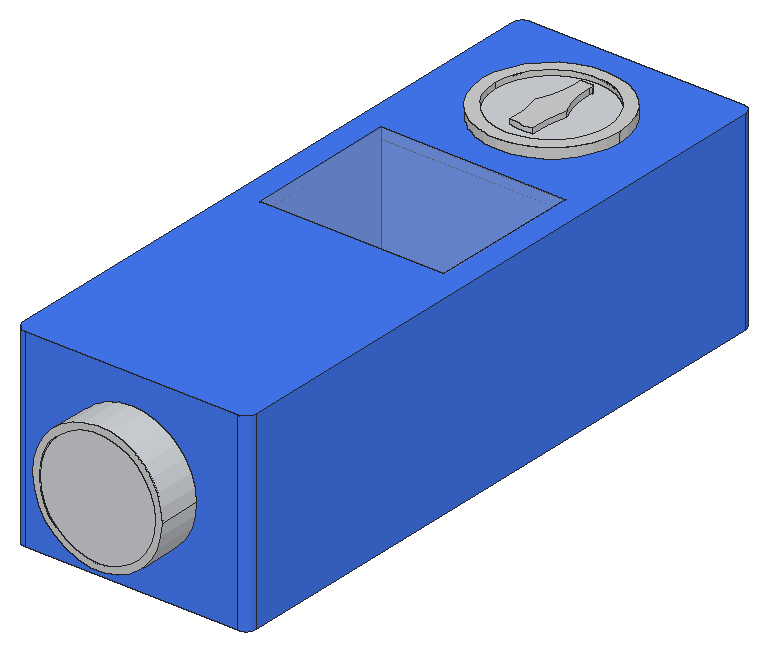
Revit family "Building-ConnessioniIEC309-GEWISS-66IB-PRESE-INTERBLOCCATE-HD_IP66_SENZA_FONDO_24V", category Apparecchi elettrici, host Superficie, Revit 2019
Family settings
  Host = Superficie
  Mantenere orientamento annotazione = Sì
  Quota connettore circolare = Usa diametro
  Tipo di parte = Normale
  Taglio con vuoti quando caricato = Sì
  Condiviso = Sì
  Punto di calcolo locali = Sì
Parameters (values of type "GW66886 - PRESA BL.IP66 S.F.2P 160VA TRASF.CBF")
  volt = 0 V
  vetro = Default - Vetro
  presa = Grigio RAL - 7035
  n-poli = 1
  giallo = 0 mm
  dist_piano [instance] = 0 mm
  Vista_2d_pianta [instance] = yes
  Versione file RFA = "21.4"
  URL = "https://www.gewiss.com/it/it"
  Tipologia = "Verticale"
  Tipo fusibile = "Ø 10,3x38 mm"
  Tipo di impiego = "Impieghi gravosi"
  Termopressione con biglia = "80 °C"
  Tensione di uscita = "20-25 V"
  Temperatura di utilizzo = "-25 +40 °C"
  Temperatura di funzionamento = "-25 ÷ +40 °C"
  Struttura = Grigio RAL - 7035
  Simbolo presa = PRESAINDSTAGNA : 3P
  Simbolo [instance] = no
  Simb_circuito [instance] = not(Simbolo)  # yes
  Scheda Tecnica = "https://www.gewiss.com/it/it/search?q=GW66886"
  SEO = "Presa"
  Resistenza agli urti a -20Â°C = "20J"
  Resistenza agli urti = "> IK10"
  Protezione = "Trasformatore di sicurezza"
  Default Elevation = 1219.2 mm
  Produttore = "GEWISS S.p.A."
  Potenza nominale = "160VA"
  Potenza = "160VA"
  Numero di poli = "2P"
  N. poli = "2P"
  Modello = "GW66886"
  Immagine tipo = R.jpg
  IDT = "31c4d5ce-9998-4c76-8b01-e5caf3d26d86"
  IDF = "98e80978-bc6f-4a14-8bf4-1e4813759065"
  Grado di protezione = "IP66"
  Glow wire test: = "850 °C"
  Glow Wire Test = "850 °C"
  Frequenza nominale (Hz) = "50 Hz"
  Frequenza = "50 Hz"
  Distanza x [instance] = 500 mm
  Distanza orizzontale simbolo [instance] = 0 mm
  Distanza effettiva x [instance] = 1500 mm - Distanza x  # 1000 mm
  Descrizione = "PRESA BL.IP66 S.F.2P 160VA TRASF.CBF"
  Creato da GEWISS S.p.A. = ""
  Corrente nominale (In) = "16"
  Corrente nominale (A) = "16"
  Corpo presa = Light Blue
  Cornice simbolo [instance] = yes
  Con fondo = "No"
  Colore: = "Viola"
  Colore = "Viola"
  Codice Electrocod = "2222"
  Codice EAN = "8011564184114"
  Catalogo Serie = "66 IB"
  Catalogo = "BUILDING"
  COBie.Tagnumber = ""
  COBie.CreatedOn = ""
  COBie.CreatebBy = ""
  COBie.ComponentRegisterItemID = ""
  COBie.Component.TagNumber = ""
  COBie.Component.Space = ""
  COBie.Component.SerialNumber = ""
  COBie.Component.InstallationDate = ""
  COBie.Component.Description = ""
  COBie.Component.BarCode = ""
Reference planes
  plane 1 "Centro (Fronte/Retro)": y = 0
  plane 2: z = 0
  plane 3 "Centro (Sinistra/Destra)": x = 0
  plane 4: z = -2
  plane 5: x = -500
  plane 6: x = -1500
  plane 7: x = -500
  plane 8: through (-170.762, -4572, -38.353) normal (-0.6157, 0, 0.788)
  plane 9: x = -51.152
  plane 10: x = 53.222
  plane 11: z = -2
  plane 12: x = -74
  plane 13: x = 74
  plane 14: y = 392
  plane 15: y = -2
Forms (mm)
  Extrusion 1, solid, detail levels coarse
    sketch origin (0, 0, 0) x (1, 0, 0) y (0, 1, 0)
      loop
        line (-74, 392) -> (-74, -2) -> (74, -2) -> (74, 392) -> (-74, 392)
    from 0 to 123
Lines and regions (mm)
  Masking region 1, visible <- "Vista_2d_pianta"
    outline origin (0, 0, 0) x (1, 0, 0) y (0, 0, 1)
  Masking region 2, visible <- "Vista_2d_pianta"
    outline origin (0, 0, 0) x (1, 0, 0) y (0, 0, 1)
      loop
        line (-74, 0) -> (74, 0) -> (74, 123) -> (-74, 123) -> (-74, 0)
Dimensions and locks
  locked: plane 2 to plane 4 at 2
  "Distanza effettiva x": plane 5 to plane 6
  plane 3 "Centro (Sinistra/Destra)" to plane 6 = 1500 mm
  "Distanza effettiva x": plane 6 to plane 7
  locked: plane 15 to plane 1 "Centro (Fronte/Retro)" at 2
  locked: plane 12 to nested 1 at 2
  locked: nested 1 to plane 13 at 2
  locked: plane 14 to nested 1 at 2
  "dist_piano": plane 11 to plane 4
  plane 6 to plane 3 "Centro (Sinistra/Destra)" = 1500 mm
  angle plane 8 to plane 4 = 142.00°
  angle plane 7 to plane 8 = 128.00°
  aligned and locked: plane 2 to host face
  aligned and locked: level to host face
  aligned and locked: plane 3 "Centro (Sinistra/Destra)" to nested 1
  aligned and locked: plane 7 to nested 3
  aligned and locked: Masking region 2 to plane 12
  aligned and locked: plane 13 to Masking region 2
  aligned and locked: Masking region 2 to level
  aligned and locked: nested 1 to plane 11
  aligned and locked: Masking region 2 to nested 1
  aligned and locked: Extrusion 1 sketch curve to plane 12
  aligned and locked: Extrusion 1 sketch curve to plane 14
  aligned and locked: Extrusion 1 sketch curve to plane 13
  aligned and locked: Extrusion 1 sketch curve to plane 15
  aligned and locked: Extrusion 1 to nested 1
  aligned and locked: Extrusion 1 to level
  aligned and locked: plane 5 to nested 2
Automatic sketch dimensions
  host sketch curve to host sketch curve = 2438.4 mm  (x2)
  Masking region 2 sketch curve to plane 10 = 20.778 mm
  plane 9 to Masking region 2 sketch curve = 22.848 mm
  level to Masking region 2 sketch curve = 0 mm
  Masking region 2 sketch curve to Masking region 2 sketch curve = 123 mm
Nested families
  nested 1: "GW66824_no fondo_master" at (0, 0, -77), type "GW66824_no fondo_master", detail levels medium+fine
  nested 2: "simbolo_gravosi 24" at (-500, 30.442, 0), Distanza dal muro <- "Distanza orizzontale simbolo", SIMBOLO ACCESO <- "Simb_circuito", type "3P"
    with SIMBOLO ACCESO yes, Distanza dal muro 0 mm, BORDO ACCESO yes
  nested 3: "PRESAINDSTAGNA" at (-500, 23.722, 0), Distanza dal muro <- "Distanza orizzontale simbolo", SIMBOLO ACCESO <- "Simbolo", type "3P"
    with SIMBOLO ACCESO no, Distanza dal muro 0 mm, BORDO ACCESO yes
Connectors
  electrical at (0, 195.052, -2), driven by "n-poli", driven by "volt"
    settings: on nested 1, index 1, voltage 0 V, apparent load 0 VA, apparent load phase1 0 VA, apparent load phase2 0 VA, apparent load phase3 0 VA, power factor 1, load classification "Altro", number of poles 1, system type 31, power factor state 1, is connector primary yes, connector utility no, sub classification motor no, connector description ""
Definition of nested family "GW66824_no fondo_master"
  Parameters (values of type "GW66824_no fondo_master")
    w = 144 mm
    sp_interbloccata = 119 mm
    d_piano = 75 mm
    corpo presa = none
    Vetro = none
    Struttura = none
    Spessore = 30 mm
    Raggio = 40 mm
    Default Elevation = 14 mm
    Presa = none
    Lunghezza = 103 mm
    IFC.TypeObject = ""
    IFC.ExportType = ""
    IFC.ExportAs = ""
    H_da terra = 586.883 mm
    COBie.CreatedOn = ""
    COBie.CreatebBy = ""
    COBie.ComponentRegisterItemID = ""
    COBie.Component.TagNumber = ""
    COBie.Component.Space = ""
    COBie.Component.SerialNumber = ""
    COBie.Component.InstallationDate = ""
    COBie.Component.Description = ""
    COBie.Component.BarCode = ""
    Altezza = 390 mm
  Reference planes
    plane 1 "Centro (Fronte/Retro)": y = 0
    plane 2: z = 0
    plane 3 "Centro (Sinistra/Destra)": x = 0
    plane 4 "presa": z = 210
    plane 5: z = 200
    plane 6: z = 194
    plane 7: x = -72
    plane 8: x = 72
    plane 9: y = 390
    plane 10: y = 0
    plane 11: y = 324
    plane 12: z = 197
    plane 13: y = 217
    plane 14: x = -57
    plane 15: x = 57
    plane 16: y = 264
    plane 17: y = 170
    plane 18: z = 84.858
    plane 19: z = 187.562
    plane 20: z = 75
    plane 21: z = 136.21
    plane 22 "presa fronte": y = -26
  Forms (mm)
    Extrusion 1, solid, material <- "Struttura"
      sketch origin (0, -427.104, -30) x (1, 0, 0) y (0, 1, 0)
        loop
          circle (0, 751.104) r 34.75
        loop
          circle (0, 751.104) r 42.079
      from 224 to 230
    Extrusion 2, solid, material <- "Struttura"
      sketch origin (0, -427.104, -30) x (1, 0, 0) y (0, 1, 0)
        loop
          arc (-9.552, 750.899) -> (-7.429, 739.645) -> (-7.314, 728.193) r 64.983
          arc (-7.314, 728.193) -> (-0.131, 727.067) -> (7.064, 728.115) r 24.316
          arc (7.064, 728.115) -> (7.302, 739.566) -> (9.547, 750.796) r 64.983
          arc (9.547, 750.796) -> (5.519, 762.425) -> (4.215, 774.661) r 54.251
          line (4.215, 774.661) -> (4.25, 777.658)
          arc (4.25, 777.658) -> (3.985, 778.329) -> (3.336, 778.647) r 1
          arc (3.336, 778.647) -> (0.147, 778.794) -> (-3.043, 778.682) r 39.364
          arc (-3.043, 778.682) -> (-3.695, 778.371) -> (-3.967, 777.702) r 1
          line (-3.967, 777.702) -> (-3.964, 774.706)
          arc (-3.964, 774.706) -> (-5.4, 762.483) -> (-9.552, 750.899) r 54.251
      from 224 to 230
    Extrusion 3, solid, material <- "corpo presa"
      sketch origin (-2.5, -699.604, -30) x (1, 0, 0) y (0, 1, 0)
        loop
          arc (74.5, 1083.298) -> (72.653, 1087.757) -> (68.194, 1089.604) r 6.306
          line (68.194, 1089.604) -> (-63.194, 1089.604)
          arc (-63.194, 1089.604) -> (-67.653, 1087.757) -> (-69.5, 1083.298) r 6.306
          line (-69.5, 1083.298) -> (-69.5, 706.118)
          arc (-69.5, 706.118) -> (-67.592, 701.512) -> (-62.985, 699.604) r 6.515
          line (-62.985, 699.604) -> (67.985, 699.604)
          arc (67.985, 699.604) -> (72.592, 701.512) -> (74.5, 706.118) r 6.515
          line (74.5, 706.118) -> (74.5, 1083.298)
      from 105 to 224
    Extrusion 4, solid
      sketch origin (0, 0, 210) x (0, -1, 0) y (1, 0, 0)
        loop
          circle (-324, 0) r 34.75
      from -16 to -13
    Extrusion 5, void
      sketch origin (0, 0, 210) x (0, -1, 0) y (1, 0, 0)
        loop
          line (-170, -57) -> (-170, 57) -> (-264, 57) -> (-264, -57) -> (-170, -57)
      from -125.142 to -16
    Extrusion 6, solid, material <- "Vetro"
      sketch origin (0, 0, 210) x (0, -1, 0) y (1, 0, 0)
        loop
          line (-170, -57) -> (-170, 57) -> (-264, 57) -> (-264, -57) -> (-170, -57)
      from -22.438 to -16
    Extrusion 7, solid, material <- "Presa"
      sketch origin (0, 0, 0) x (1, 0, 0) y (0, 0, 1)
        loop
          circle (0, 136.21) r 40
        loop
          circle (0, 136.21) r 36
      from 0 to 26
    Extrusion 8, solid
      sketch origin (0, 0, 0) x (1, 0, 0) y (0, 0, 1)
        loop
          circle (0, 136.21) r 40
      from 0 to 26
  Cuts and joins
    Extrusion 5 cuts Extrusion 3
  Lines and regions (mm)
    symbolic lines
      curve 1: line (0, -26, 178.929) -> (0, -26, 99.929)
      curve 2: line (50, -26, 136.21) -> (-50, -26, 136.21)
  Dimensions and locks
    locked: plane 5 to plane 4 "presa" at 10
    locked: plane 6 to plane 5 at 6
    equal spacing: plane 7, plane 3 "Centro (Sinistra/Destra)", plane 8
    "w": plane 7 to plane 8
    "Altezza": plane 1 "Centro (Fronte/Retro)" to plane 9
    locked: plane 9 to plane 11 at 66
    locked: plane 12 to plane 6 at 3
    locked: plane 9 to plane 13 at 173
    equal spacing: plane 14, plane 3 "Centro (Sinistra/Destra)", plane 15
    plane 14 to plane 15 = 114 mm
    equal spacing: plane 16, plane 13, plane 17
    locked: plane 16 to plane 17 at 94
    locked: plane 6 to plane 19 at 6.438
    "sp_interbloccata": plane 6 to plane 20
    "d_piano": plane 20 to level
    locked: plane 18 to plane 20 at 9.858
    locked: plane 22 "presa fronte" to plane 10 at 26
    equal spacing: plane 18, plane 21, plane 19
    diameter of Extrusion 1 sketch curve = 69.5 mm
    radius of Extrusion 4 sketch curve = 34.75 mm
    aligned and locked: level to plane 2
    aligned and locked: Extrusion 1 to Extrusion 3
    aligned and locked: Extrusion 2 to Extrusion 1
    aligned and locked: Extrusion 1 to Extrusion 2
    aligned and locked: Extrusion 3 to plane 6
    aligned and locked: Extrusion 1 to plane 5
    aligned and locked: Extrusion 3 sketch curve to plane 7
    aligned and locked: Extrusion 3 sketch curve to plane 8
    aligned and locked: Extrusion 3 sketch curve to plane 9
    aligned and locked: plane 10 to Extrusion 3 sketch curve
    aligned and locked: plane 10 to plane 1 "Centro (Fronte/Retro)"
    aligned and locked: plane 11 to Extrusion 1 sketch curve
    aligned and locked: plane 3 "Centro (Sinistra/Destra)" to Extrusion 1 sketch curve
    aligned and locked: plane 3 "Centro (Sinistra/Destra)" to Extrusion 4 sketch curve
    aligned and locked: plane 11 to Extrusion 4 sketch curve
    aligned and locked: plane 6 to Extrusion 4
    aligned and locked: plane 12 to Extrusion 4
    aligned and locked: Extrusion 5 sketch curve to plane 14
    aligned and locked: Extrusion 5 sketch curve to plane 17
    aligned and locked: Extrusion 5 sketch curve to plane 15
    aligned and locked: Extrusion 5 sketch curve to plane 16
    aligned and locked: Extrusion 5 to plane 18
    aligned and locked: Extrusion 5 to plane 6
    aligned and locked: Extrusion 6 sketch curve to plane 14
    aligned and locked: Extrusion 6 sketch curve to plane 17
    aligned and locked: Extrusion 6 sketch curve to plane 16
    aligned and locked: Extrusion 6 sketch curve to plane 15
    aligned and locked: Extrusion 6 to plane 19
    aligned and locked: Extrusion 6 to plane 6
    aligned and locked: plane 20 to cut or joined group of Extrusion 3, Extrusion 5
    aligned and locked: plane 3 "Centro (Sinistra/Destra)" to Extrusion 7 sketch curve
    aligned and locked: plane 21 to Extrusion 7 sketch curve
    aligned and locked: Extrusion 7 to plane 22 "presa fronte"
    aligned and locked: plane 3 "Centro (Sinistra/Destra)" to Extrusion 8 sketch curve
    aligned and locked: plane 21 to Extrusion 8 sketch curve
    aligned and locked: Extrusion 8 to plane 1 "Centro (Fronte/Retro)"
    aligned and locked: Extrusion 8 to plane 22 "presa fronte"
    aligned and locked: plane 3 "Centro (Sinistra/Destra)" to curve 1
    aligned and locked: curve 2 to plane 21
  Automatic sketch dimensions
    Extrusion 2 sketch curve to plane 3 "Centro (Sinistra/Destra)" = 0 mm
    Extrusion 2 sketch curve to plane 3 "Centro (Sinistra/Destra)" = 0.064 mm
    Extrusion 2 sketch curve to plane 3 "Centro (Sinistra/Destra)" = 2.967 mm
    Extrusion 2 sketch curve to Extrusion 2 sketch curve = 0.997 mm
    Extrusion 2 sketch curve to Extrusion 2 sketch curve = 1 mm  (x2)
    Extrusion 2 sketch curve to Extrusion 2 sketch curve = 54.251 mm
    Extrusion 2 sketch curve to Extrusion 2 sketch curve = 13.883 mm
    plane 3 "Centro (Sinistra/Destra)" to Extrusion 2 sketch curve = 3.25 mm
    Extrusion 2 sketch curve to Extrusion 2 sketch curve = 0.965 mm
    Extrusion 2 sketch curve to Extrusion 2 sketch curve = 54.25 mm
    Extrusion 2 sketch curve to Extrusion 2 sketch curve = 13.435 mm
    Extrusion 2 sketch curve to plane 1 "Centro (Fronte/Retro)" = 305.393 mm
    Extrusion 2 sketch curve to plane 1 "Centro (Fronte/Retro)" = 306.167 mm
    Extrusion 2 sketch curve to plane 1 "Centro (Fronte/Retro)" = 312.327 mm
    Extrusion 2 sketch curve to Extrusion 2 sketch curve = 11.953 mm
    Extrusion 2 sketch curve to Extrusion 2 sketch curve = 41.757 mm
    Extrusion 2 sketch curve to Extrusion 2 sketch curve = 23.278 mm
    Extrusion 2 sketch curve to Extrusion 2 sketch curve = 0.044 mm
    Extrusion 2 sketch curve to Extrusion 2 sketch curve = 41.61 mm
    Extrusion 2 sketch curve to Extrusion 2 sketch curve = 2.99 mm
    Extrusion 2 sketch curve to Extrusion 2 sketch curve = 0.007 mm
    Extrusion 2 sketch curve to Extrusion 2 sketch curve = 2.979 mm
    Extrusion 2 sketch curve to Extrusion 2 sketch curve = 0.018 mm
    Extrusion 2 sketch curve to Extrusion 2 sketch curve = 0 mm
    Extrusion 2 sketch curve to plane 3 "Centro (Sinistra/Destra)" = 7.314 mm
    Extrusion 2 sketch curve to Extrusion 2 sketch curve = 9.552 mm
    plane 3 "Centro (Sinistra/Destra)" to Extrusion 2 sketch curve = 7.064 mm
    Extrusion 3 sketch curve to Extrusion 3 sketch curve = 6.306 mm  (x2)
    Extrusion 3 sketch curve to Extrusion 3 sketch curve = 6.515 mm  (x2)
    Extrusion 1 sketch curve to Extrusion 1 sketch curve = 0 mm  (x2)
    Extrusion 7 sketch curve to Extrusion 7 sketch curve = 0 mm  (x2)
    plane 18 to curve 1 = 15.071 mm
    curve 1 to plane 19 = 8.633 mm
    curve 2 to plane 14 = 7 mm
    plane 15 to curve 2 = 7 mm
    radius of Extrusion 1 sketch curve = 42.079 mm
    radius of Extrusion 7 sketch curve = 40 mm
    radius of Extrusion 7 sketch curve = 36 mm
    radius of Extrusion 8 sketch curve = 40 mm
Definition of nested family "simbolo_gravosi 24"
  Parameters (values of type "3P")
    SIMBOLO ACCESO [instance] = yes
    SIMBOLO = PRESAINDSTAGNA_BASE : 3P
    Distanza dal muro [instance] = 1.092 mm
    BORDO ACCESO [instance] = yes
  Reference planes
    plane 1: y = 0
    plane 2: x = 0
  Dimensions and locks
    "Distanza dal muro": plane 1 to import instance
    aligned and locked: import instance to plane 2
Definition of nested family "PRESAINDSTAGNA"
  Parameters (values of type "3P")
    SIMBOLO ACCESO [instance] = yes
    SIMBOLO = PRESAINDSTAGNA_BASE : 3P
    Distanza dal muro [instance] = 0 mm
    BORDO ACCESO [instance] = yes
  Types (2): name
    2P
    3P
  Reference planes
    plane 1: y = 0
    plane 2: x = 0
  Dimensions and locks
    "Distanza dal muro": plane 1 to nested 1
    aligned and locked: plane 2 to nested 1
  Nested families
    nested 1: "PRESAINDSTAGNA_BASE" at (0, 0, 0), type <- "SIMBOLO", CORNICE SIMBOLO <- "BORDO ACCESO", visible <- "SIMBOLO ACCESO", type "3P"
  Definition of nested family "PRESAINDSTAGNA_BASE"
    Parameters (values of type "3P")
      CORNICE SIMBOLO [instance] = yes
      3P = yes
    Types (2, lengths in mm): name | 3P
      3P | yes
      2P | no
    Reference planes
      plane 1: y = 0
      plane 2: x = 0
    Lines and regions (mm)
      detail lines, not visible
        curve 1: line (-2.443, 10.208, 0) -> (2.057, 10.208, 0)
        curve 2: line (2.057, 10.208, 0) -> (2.057, 4.208, 0)
        curve 3: line (2.057, 4.208, 0) -> (-2.443, 4.208, 0)
        curve 4: line (-2.443, 4.208, 0) -> (-2.443, 10.208, 0)
        curve 5: line (-2.043, 9.808, 0) -> (1.657, 9.808, 0)
        curve 6: line (1.657, 9.808, 0) -> (1.657, 4.608, 0)
        curve 7: line (1.657, 4.608, 0) -> (-2.043, 4.608, 0)
        curve 8: line (-2.043, 4.608, 0) -> (-2.043, 9.808, 0)
      detail lines
        curve 9: line (-0.333, 0.928, 0) -> (-0.05, 0.928, 0)
        curve 10: line (-0.05, 0.928, 0) -> (0.417, 1.737, 0)
        curve 11: line (0.417, 1.737, 0) -> (0.764, 1.537, 0)
        curve 12: line (-0.05, 0.928, 0) -> (-0.333, 0.437, 0)
        curve 13: line (-0.333, 0.437, 0) -> (-0.333, 2.059, 0)
        curve 14: line (0.222, 1.399, 0) -> (0.569, 1.199, 0)
        curve 15: line (-0.723, 0.437, 0) -> (0.057, 0.437, 0)
        curve 16: line (-0.333, 0.81, 0) -> (-0.216, 0.928, 0)
        curve 17: line (-0.333, 0.741, 0) -> (-0.147, 0.928, 0)
        curve 18: line (-0.333, 0.672, 0) -> (-0.078, 0.928, 0)
        curve 19: line (-0.333, 0.603, 0) -> (-0.106, 0.831, 0)
        curve 20: line (-0.333, 0.534, 0) -> (-0.2, 0.668, 0)
        curve 22: arc (-0.723, 0.047, 0) -> (-0.333, 0.437, 0) -> (0.057, 0.047, 0) r 0.39
        curve 23: line (-0.8, 2.1, 0) -> (0.8, 2.1, 0)
        curve 24: line (-0.8, 0, 0) -> (-0.8, 2.1, 0)
        curve 25: line (0.8, 0, 0) -> (-0.8, 0, 0)
        curve 26: line (0.8, 2.1, 0) -> (0.8, 0, 0)
      detail lines, visible <- "3P"
        curve 21: line (0.028, 1.061, 0) -> (0.374, 0.861, 0)
